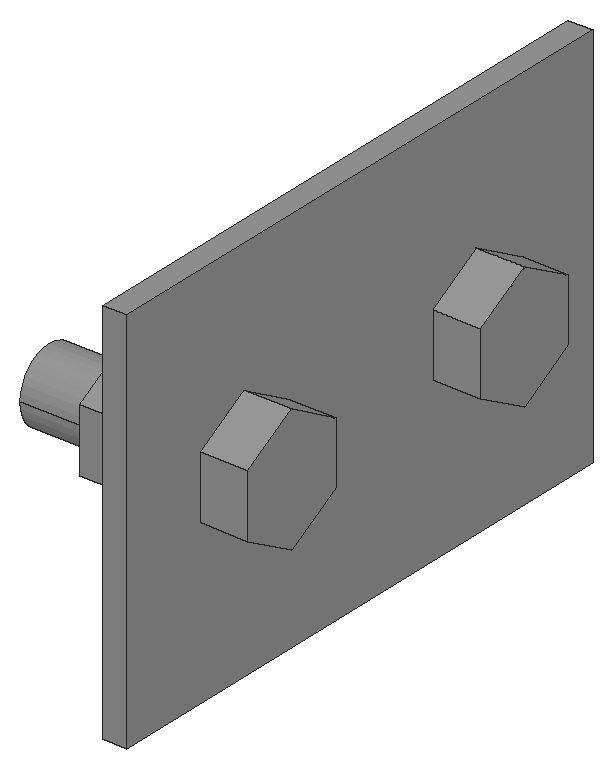
Revit family "051200 - Structural Steel Framing - Shear Tab", category Structural Connections, Revit 2019
Family settings
  Material for Model Behavior = Other
  Work Plane-Based = Yes
  Enable cutting in views = Yes
  Always vertical = No
  Cut with Voids When Loaded = No
  Shared = No
Parameters (values of type "1")
  Web - Thickness = 0' - 0 123/256"
  Tab Material = 4"x6"x1/4" SHEAR TAB WITH (2) 3/4" DIAMETER A325 BOLTS
  Tab - Width = 0' - 4"
  Tab - Thickness = 0' - 0 1/4"
  Tab - Height = 0' - 6"
  Default Elevation = 4' - 0"
  Bolt Spacing = 0' - 3"
  Bolt Size = 050523 - W_P_C - Fastenings - Lag Bolt or Thru Bolt : 3/4" x 2"
  Bolt Separation = 0' - 1 1/2"
  Bolt Material = 5/8" GALV. ANCHOR BOLT @ 24" O.C. (6" MIN. EMBEDMENT)
  Bolt Count = 2
  Bolt - Offset - Width = 0' - 2"
  Bolt - Offset - Height = 0' - 1 1/2"
  2nd Bolt Visibility = no
  1st Bolt Visibility = yes
Reference planes (in)
  plane 1 "Center (Front/Back)": y = 0
  plane 2: z = 0
  plane 3 "Center (Left/Right)": x = 0
  plane 4: y = 3
  plane 5: y = -3
  plane 6: x = -0.25
  plane 7: z = 4
  plane 8: z = 3.5
  plane 9: y = -1.5
  plane 10: y = 1.5
  plane 11: z = 2
  plane 12: x = -0.73047
Forms (in)
  Extrusion 1, solid, material "4"x6"x1/4" SHEAR TAB WITH (2) 3/4" DIAMETER A325 BOLTS" <- "Tab Material"
    sketch origin (0, 0, 0) x (0, 1, 0) y (0, 0, 1)
      loop
        line (3, 4) -> (-3, 4) -> (-3, 0) -> (3, 0) -> (3, 4)
    from 0 to -0.25
Dimensions and locks (in)
  equal spacing: plane 4, plane 1 "Center (Front/Back)", plane 5
  "Tab - Thickness": plane 6 to plane 3 "Center (Left/Right)"
  "Tab - Height": plane 4 to plane 5
  "Tab - Width": plane 7 to plane 2
  "Bolt - Offset - Height": plane 9 to plane 5
  "Bolt - Offset - Width": plane 11 to plane 2
  "Bolt Spacing": plane 10 to plane 9
  plane 4 to plane 10 = 0' - 1 1/2"
  "Bolt Separation": plane 8 to plane 11
  "Web - Thickness": plane 12 to plane 6
  aligned and locked: plane 2 to level
  aligned and locked: Extrusion 1 sketch curve to plane 4
  aligned and locked: plane 2 to Extrusion 1 sketch curve
  aligned and locked: plane 5 to Extrusion 1 sketch curve
  aligned and locked: Extrusion 1 sketch curve to plane 7
  aligned and locked: Extrusion 1 to plane 6
  aligned and locked: plane 9 to nested 1
  aligned and locked: plane 8 to nested 1
  aligned and locked: plane 10 to nested 2
  aligned and locked: plane 11 to nested 4
  aligned and locked: plane 11 to nested 3
  aligned and locked: plane 10 to nested 4
  aligned and locked: plane 9 to nested 3
  aligned and locked: plane 8 to nested 2
  aligned and locked: plane 12 to nested 2
  aligned and locked: plane 12 to nested 1
  aligned and locked: plane 12 to nested 3
  aligned and locked: plane 12 to nested 4
Nested families (in)
  nested 1: "050523 - W_P_C - Fastenings - Lag Bolt or Thru Bolt" at (0, -1.5, 3.5) x (0, -1, 0) z (1, 0, 0), visible <- "2nd Bolt Visibility", type <- "Bolt Size", type "3/4" x 2""
    with Thickness_of_Substrate 0' - 0 187/256", Nut_Visibility yes
  nested 2: "050523 - W_P_C - Fastenings - Lag Bolt or Thru Bolt" at (0, 1.5, 3.5) x (0, -1, 0) z (1, 0, 0), visible <- "2nd Bolt Visibility", type <- "Bolt Size", type "3/4" x 2""
    with Thickness_of_Substrate 0' - 0 187/256", Nut_Visibility yes
  nested 3: "050523 - W_P_C - Fastenings - Lag Bolt or Thru Bolt" at (0, -1.5, 2) x (0, -1, 0) z (1, 0, 0), visible <- "1st Bolt Visibility", type <- "Bolt Size", type "3/4" x 2""
    with Thickness_of_Substrate 0' - 0 187/256", Nut_Visibility yes
  nested 4: "050523 - W_P_C - Fastenings - Lag Bolt or Thru Bolt" at (0, 1.5, 2) x (0, -1, 0) z (1, 0, 0), visible <- "1st Bolt Visibility", type <- "Bolt Size", type "3/4" x 2""
    with Thickness_of_Substrate 0' - 0 187/256", Nut_Visibility yes
Definition of nested family "050523 - W_P_C - Fastenings - Lag Bolt or Thru Bolt"
  Parameters (values of type "3/4" x 2"")
    Thickness_of_Substrate [instance] = 0' - 1"
    Side = Head Size * 0.57812  # 0' - 0.65039"
    Radius = Diameter / 2  # 0' - 0 3/8"
    Nut_Visibility [instance] = yes
    Length = 0' - 2"
    Head Size = 0' - 1 1/8"
    Head Radius = Head Size / 2  # 0' - 0 9/16"
    Head Height = 0' - 0 1/2"
    Diameter = 0' - 0 3/4"
    Default Elevation = 4' - 0"
    Bolt Material (Size) = none
  Types (23): name | Side | Radius | Length | Head Size | Head Radius | Head Height | Diameter
    1/2" x 3" | 0' - 0 111/256" | 0' - 0 1/4" | 0' - 3" | 0' - 0 3/4" | 0' - 0 3/8" | 0' - 0 27/64" | 0' - 0 1/2"
    1/4" x 3" | 0' - 0.25293" | 0' - 0 1/8" | 0' - 3" | 0' - 0 7/16" | 0' - 0 7/32" | 0' - 0 11/64" | 0' - 0 1/4"
    5/16" x 3" | 0' - 0 37/128" | 0' - 0 5/32" | 0' - 3" | 0' - 0 1/2" | 0' - 0 1/4" | 0' - 0 7/32" | 0' - 0 5/16"
    3/8" x 3" | 0' - 0.3252" | 0' - 0 3/16" | 0' - 3" | 0' - 0 9/16" | 0' - 0 9/32" | 0' - 0 1/4" | 0' - 0 3/8"
    7/16" x 3" | 0' - 0.36133" | 0' - 0 7/32" | 0' - 3" | 0' - 0 5/8" | 0' - 0 5/16" | 0' - 0 19/64" | 0' - 0 7/16"
    5/8" x 3" | 0' - 0.54199" | 0' - 0 5/16" | 0' - 3" | 0' - 0 15/16" | 0' - 0 15/32" | 0' - 0 27/64" | 0' - 0 5/8"
    1/2" x 2 1/2" | 0' - 0 111/256" | 0' - 0 1/4" | 0' - 2 1/2" | 0' - 0 3/4" | 0' - 0 3/8" | 0' - 0 11/32" | 0' - 0 1/2"
    3/4" x 2" | 0' - 0.65039" | 0' - 0 3/8" | 0' - 2" | 0' - 1 1/8" | 0' - 0 9/16" | 0' - 0 1/2" | 0' - 0 3/4"
    3/8" x 1" | 0' - 0.3252" | 0' - 0 3/16" | 0' - 1" | 0' - 0 9/16" | 0' - 0 9/32" | 0' - 0 1/4" | 0' - 0 3/8"
    1/2" x 4" | 0' - 0 111/256" | 0' - 0 1/4" | 0' - 4" | 0' - 0 3/4" | 0' - 0 3/8" | 0' - 0 1/2" | 0' - 0 1/2"
    1/2" x 2" | 0' - 0 111/256" | 0' - 0 1/4" | 0' - 2" | 0' - 0 3/4" | 0' - 0 3/8" | 0' - 0 1/2" | 0' - 0 1/2"
    ONE | 0' - 0 111/128" | 0' - 0 1/2" | 0' - 3" | 0' - 1 1/2" | 0' - 0 3/4" | 0' - 0 151/256" | 0' - 1"
    3/4" x 4" | 0' - 0.65039" | 0' - 0 3/8" | 0' - 3" | 0' - 1 1/8" | 0' - 0 9/16" | 0' - 0 1/2" | 0' - 0 3/4"
    #10 | 0' - 0.1626" | 0' - 0.09961" | 0' - 4" | 0' - 0 9/32" | 0' - 0 9/64" | 0' - 0 1/8" | 0' - 0 51/256"
    1/4" | 0' - 0.25293" | 0' - 0 1/8" | 0' - 4" | 0' - 0 7/16" | 0' - 0 7/32" | 0' - 0 11/64" | 0' - 0 1/4"
    1" | 0' - 0 111/128" | 0' - 0 1/2" | 0' - 4" | 0' - 1 1/2" | 0' - 0 3/4" | 0' - 0 43/64" | 0' - 1"
    7/8" | 0' - 0.75879" | 0' - 0 7/16" | 0' - 4" | 0' - 1 5/16" | 0' - 0 21/32" | 0' - 0 37/64" | 0' - 0 7/8"
    5/8" | 0' - 0.54199" | 0' - 0 5/16" | 0' - 2" | 0' - 0 15/16" | 0' - 0 15/32" | 0' - 0 27/64" | 0' - 0 5/8"
    1/2" | 0' - 0 111/256" | 0' - 0 1/4" | 0' - 4" | 0' - 0 3/4" | 0' - 0 3/8" | 0' - 0 1/2" | 0' - 0 1/2"
    3/4" | 0' - 0.65039" | 0' - 0 3/8" | 0' - 7" | 0' - 1 1/8" | 0' - 0 9/16" | 0' - 0 1/2" | 0' - 0 3/4"
    3/8" | 0' - 0.3252" | 0' - 0 3/16" | 0' - 4" | 0' - 0 9/16" | 0' - 0 9/32" | 0' - 0 1/4" | 0' - 0 3/8"
    5/8" x 6" | 0' - 0.54199" | 0' - 0 5/16" | 0' - 6" | 0' - 0 15/16" | 0' - 0 15/32" | 0' - 0 27/64" | 0' - 0 5/8"
    5/8" x 7" | 0' - 0.54199" | 0' - 0 5/16" | 0' - 7" | 0' - 0 15/16" | 0' - 0 15/32" | 0' - 0 27/64" | 0' - 0 5/8"
  Reference planes (in)
    plane 1 "Center (Front/Back)": y = 0
    plane 2: z = 0
    plane 3 "Center (Left/Right)": x = 0
    plane 4: z = 0.5
    plane 5: z = -2
    plane 6: y = 0
    plane 7: x = 0
    plane 8: z = -1
  Forms (in)
    Extrusion 1, solid, material <- "Bolt Material (Size)"
      sketch origin (0, 0, 0) x (1, 0, 0) y (0, 1, 0)
        loop
          circle (0, 0) r 0.375
      from -2 to 0
  Lines and regions (in)
    model lines
      curve 1: line (0, -0.64952, 0.5) -> (0, 0.64952, 0.5)
      curve 2: line (0.5625, 0, 0.5) -> (-0.5625, 0, 0.5)
    symbolic lines
      curve 3: line (0, 0, 0.5) -> (0, 0, -2)
      curve 4: line (0, 0, 0.5) -> (0, 0, -2)
  Dimensions and locks (in)
    "Head Height": plane 4 to level
    "Length": level to plane 5
    "Thickness_of_Substrate": plane 2 to plane 8
    "Radius": radius of Extrusion 1 sketch curve
    aligned and locked: level to plane 2
    aligned and locked: Extrusion 1 to plane 5
    aligned and locked: plane 7 to curve 1
    aligned and locked: plane 6 to curve 2
    aligned and locked: plane 6 to curve 4
  Automatic sketch dimensions
    curve 3 to plane 3 "Center (Left/Right)" = 0' - 0"
    curve 3 to plane 5 = 0' - 0"
    curve 3 to plane 4 = 0' - 0"
    curve 4 to plane 5 = 0' - 0"
    curve 4 to plane 4 = 0' - 0"
    curve 1 to curve 2 = 0' - 0.64952"
    curve 2 to curve 1 = 0' - 0.64952"
    curve 2 to nested 1 = 0' - 0"  (x2)
    plane 1 "Center (Front/Back)" to Extrusion 1 sketch curve = 0' - 0"
    Extrusion 1 sketch curve to plane 3 "Center (Left/Right)" = 0' - 0"
  Nested families (in)
    nested 1: "Nut" at (0, 0, 0), Diameter <- "Diameter", Head Height <- "Head Height", Head Size <- "Head Size", Bolt Material (Size) <- "Bolt Material (Size)", type "one"
      with Side 0' - 0.65039", Radius 0' - 0 3/8", Head Size 0' - 1 1/8", Head Radius 0' - 0 9/16", Head Height 0' - 0 1/2", Diameter 0' - 0 3/4", Bolt Material (Size) none
    nested 2: "Nut" at (0, 0, -1) x (1, 0, 0) z (0, 0, -1), Diameter <- "Diameter", Head Height <- "Head Height", Head Size <- "Head Size", visible <- "Nut_Visibility", Bolt Material (Size) <- "Bolt Material (Size)", type "one"
      with Side 0' - 0.65039", Radius 0' - 0 3/8", Head Size 0' - 1 1/8", Head Radius 0' - 0 9/16", Head Height 0' - 0 1/2", Diameter 0' - 0 3/4", Bolt Material (Size) none
  Definition of nested family "Nut"
    Parameters (values of type "one")
      Side [instance] = Head Size * 0.57812  # 0' - 0 111/256"
      Radius [instance] = Diameter / 2  # 0' - 0 1/4"
      Head Size [instance] = 0' - 0 3/4"
      Head Radius [instance] = Head Size / 2  # 0' - 0 3/8"
      Head Height [instance] = 0' - 0 11/32"
      Diameter [instance] = 0' - 0 1/2"
      Default Elevation = 4' - 0"
      Bolt Material (Size) [instance] = none
    Reference planes (in)
      plane 1 "Center (Front/Back)": y = 0
      plane 2: z = 0
      plane 3 "Center (Left/Right)": x = 0
      plane 4: z = 0.34375
      plane 5: y = 0
      plane 6: x = 0
    Forms (in)
      Extrusion 1, solid, material <- "Bolt Material (Size)"
        sketch origin (0, 0, 0) x (1, 0, 0) y (0, 1, 0)
          loop
            line (0, 0.43301) -> (-0.375, 0.21651) -> (-0.375, -0.21651) -> (0, -0.43301) -> (0.375, -0.21651) -> (0.375, 0.21651) -> (0, 0.43301)
        from 0 to 0.34375
    Lines and regions (in)
      symbolic lines
        curve 1: line (0, 0, 0.34375) -> (0, 0, -3)
    Dimensions and locks (in)
      "Head Height": plane 4 to level
      "Head Radius": Extrusion 1 sketch curve to plane 3 "Center (Left/Right)"
      "Head Radius": Extrusion 1 sketch curve to plane 6
      "Head Radius": Extrusion 1 sketch curve to plane 5  (x2)
      locked: Extrusion 1 sketch curve to Extrusion 1 sketch curve (angle 120.00°)  (x5)
      aligned and locked: level to plane 2
      aligned and locked: Extrusion 1 to plane 4
      aligned and locked: plane 5 to curve 1
    Automatic sketch dimensions
      curve 1 to plane 4 = 0' - 0"
      curve 1 to level = 0' - 3"
      Extrusion 1 sketch curve to plane 3 "Center (Left/Right)" = 0' - 0"  (x2)
